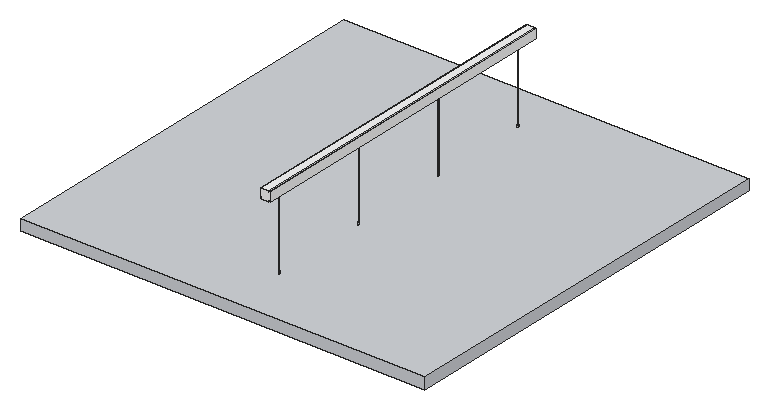
Revit family
Parameters (values of type "Zumtobel Track TECTON")
  URL = "http://www.zumtobel.com/22128058"
  Type Comments = "© Zumtobel. We reserve the right to make technical changes without prior notice."  # constant formula
  Track Distance [instance] = if(Surface Mount, 0.00 mm, Suspension Height - 60.00 mm)  # 440.00 mm
  Suspension Visible [instance] = not(Surface Mount)  # yes
  Suspension Height Value [instance] = if(Surface Mount, 200.00 mm, Suspension Height)  # 500.00 mm
  Suspension Height [instance] = 500.00 mm
  Suspension Distance [instance] = (Length - 200.00 mm) / Number of Suspensions  # 450.00 mm
  Surface Mount [instance] = no
  Number of Suspensions [instance] = 4
  Model = "22128058"
  Manufacturer = "Zumtobel Lighting"  # constant formula
  Length [instance] = 2000.00 mm
  Lamp = ""
  Emit Shape Visible in Rendering = no
  Description = "Track TECTON"  # constant formula
  Suspension [instance] = Zumtobel_Metal_Aluminium
  Apparent Load = 0 VA
  Default Elevation = 0.00 mm
  Assembly Code = "D5020200"
  Track [instance] = Zumtobel_Metal_White
Reference planes
  plane 1 "Center (Front/Back)": y = -250
  plane 2 "Top": z = 0
  plane 3: z = 500
  plane 4 "Right": y = -1250
  plane 5 "Left": y = 750
  plane 6: y = -1150
  plane 7: y = 650
  plane 8: z = 440
  plane 9 "Center (Left/Right)": x = -239.2
  plane 10: y = -1247.5
  plane 11: y = 747.5
  plane 12: z = 440
  plane 13: z = 500
Forms (mm)
  Extrusion 1, solid
    sketch origin (0, 0, 0) x (1, 0, 0) y (0, 1, 0)
      loop
        line (-1519.2, 939.2) -> (-1519.2, -1499.2) -> (919.2, -1499.2) -> (919.2, 939.2) -> (-1519.2, 939.2)
    from 0 to -66.193
  Extrusion 2, solid, material "Zumtobel_Metal_White" <- "Track"
    sketch origin (0, -1250, 0) x (0, 0, 1) y (-1, 0, 0)
      loop
        line (442.742, 209.2) -> (496.928, 209.2) -> (496.928, 212.075) -> (493.922, 212.075) -> (493.922, 217.39) -> (500, 217.39) -> (500, 261.01) -> (493.922, 261.01) -> (493.922, 266.325) -> (496.928, 266.325) -> (496.928, 269.2) -> (442.742, 269.2) -> (442.742, 266.325) -> (445.748, 266.325) -> (445.748, 261.01) -> (440, 261.01) -> (440, 217.39) -> (445.748, 217.39) -> (445.748, 212.075) -> (442.742, 212.075) -> (442.742, 209.2)
    from -2000 to 0
Dimensions and locks
  "Suspension Height": plane 3 to plane 2 "Top"
  locked: plane 5 "Left" to plane 7 at 100
  locked: plane 6 to plane 4 "Right" at 100
  "Length": plane 5 "Left" to plane 4 "Right"
  equal spacing: plane 5 "Left", plane 1 "Center (Front/Back)", plane 4 "Right"
  plane 3 to plane 8 = 60.00 mm
  equal spacing: group 1, group 3, group 4, group 2  (x2)
  equal spacing: group 2, group 4, group 3, group 1
  locked: plane 10 to plane 4 "Right" at 2.5
  locked: plane 5 "Left" to plane 11 at 2.5
  "Track Distance": plane 12 to plane 2 "Top"
  locked: plane 13 to plane 12 at 60
  aligned and locked: plane 2 "Top" to Extrusion 1
  aligned and locked: level to Extrusion 1
  aligned and locked: plane 7 to nested 1
  aligned and locked: nested 2 to plane 6
  aligned and locked: Extrusion 2 to plane 5 "Left"
  aligned and locked: plane 4 "Right" to Extrusion 2
Automatic sketch dimensions
  Extrusion 1 sketch curve to Extrusion 1 sketch curve = 2438.40 mm  (x2)
  Extrusion 2 sketch curve to plane 12 = 0.00 mm
  Extrusion 2 sketch curve to Extrusion 2 sketch curve = 2.742 mm  (x2)
  Extrusion 2 sketch curve to Extrusion 2 sketch curve = 3.006 mm  (x3)
  Extrusion 2 sketch curve to Extrusion 2 sketch curve = 5.748 mm
  plane 12 to Extrusion 2 sketch curve = 53.922 mm  (x2)
  plane 12 to Extrusion 2 sketch curve = 60.00 mm
  plane 9 "Center (Left/Right)" to Extrusion 2 sketch curve = 30.00 mm
  Extrusion 2 sketch curve to Extrusion 2 sketch curve = 2.875 mm  (x3)
  Extrusion 2 sketch curve to Extrusion 2 sketch curve = 5.315 mm  (x4)
  Extrusion 2 sketch curve to Extrusion 2 sketch curve = 43.62 mm  (x2)
Nested families
  nested 1: "Zumtobel Suspension" at (-239.2, 650, 0) x (1, 0, 0) z (0, 0, -1), Suspension <- "Suspension", visible <- "Suspension Visible", type "Zumtobel Suspension"
    with Suspension Zumtobel_Metal_Aluminium, Suspension Height 500.00 mm, Default Elevation 0.00 mm
  nested 2: "Zumtobel Suspension" at (-239.2, -1150, 0) x (1, 0, 0) z (0, 0, -1), Suspension <- "Suspension", visible <- "Suspension Visible", type "Zumtobel Suspension"
    with Suspension Zumtobel_Metal_Aluminium, Suspension Height 500.00 mm, Default Elevation 0.00 mm
  nested 3: "Zumtobel Suspension" at (-239.2, 50, 0) x (1, 0, 0) z (0, 0, -1), Suspension <- "Suspension", visible <- "Suspension Visible", type "Zumtobel Suspension"
    with Suspension Zumtobel_Metal_Aluminium, Suspension Height 500.00 mm, Default Elevation 0.00 mm
  nested 4: "Zumtobel Suspension" at (-239.2, -550, 0) x (1, 0, 0) z (0, 0, -1), Suspension <- "Suspension", visible <- "Suspension Visible", type "Zumtobel Suspension"
    with Suspension Zumtobel_Metal_Aluminium, Suspension Height 500.00 mm, Default Elevation 0.00 mm
Definition of nested family "Zumtobel Suspension"
  Parameters (values of type "Zumtobel Suspension")
    Suspension Height = 600.00 mm
    Suspension [instance] = none
    Emit Shape Visible in Rendering = no
    Default Elevation = 1219.20 mm
    Assembly Code = ""
  Reference planes
    plane 1 "Light Source Axis (F/B)": y = 0
    plane 2: z = 0
    plane 3 "Center (Front/Back)": x = 0
    plane 4 "Bottom": z = -600
    plane 5 "Top Fitting": z = -540
  Forms (mm)
    Extrusion 1, solid, material <- "Suspension"
      sketch origin (0, 0, 0) x (1, 0, 0) y (0, 1, 0)
        loop
          circle (0, 0) r 2.6
      from 0 to -13
    Extrusion 2, solid, material <- "Suspension"
      sketch origin (0, 0, -320) x (1, 0, 0) y (0, 1, 0)
        loop
          circle (0, 0) r 1
      from 320 to -220
    Extrusion 3, solid, material <- "Suspension"
      sketch origin (0, 0, -540) x (-1, 0, 0) y (0, -1, 0)
        loop
          circle (0, 0) r 2
      from 0 to 15
  Cuts and joins
    joined: Extrusion 1, Extrusion 2, Extrusion 3
  Dimensions and locks
    locked: plane 5 "Top Fitting" to plane 4 "Bottom" at 60
    "Suspension Height": plane 2 to plane 4 "Bottom"
    aligned and locked: Extrusion 2 to plane 5 "Top Fitting"
    aligned and locked: plane 2 to Extrusion 2
  Automatic sketch dimensions
    plane 1 "Light Source Axis (F/B)" to Extrusion 1 sketch curve = 0.00 mm
    Extrusion 1 sketch curve to plane 3 "Center (Front/Back)" = 0.00 mm
    plane 1 "Light Source Axis (F/B)" to Extrusion 2 sketch curve = 0.00 mm
    Extrusion 2 sketch curve to plane 3 "Center (Front/Back)" = 0.00 mm
    plane 1 "Light Source Axis (F/B)" to Extrusion 3 sketch curve = 0.00 mm
    Extrusion 3 sketch curve to plane 3 "Center (Front/Back)" = 0.00 mm
    radius of Extrusion 1 sketch curve = 2.60 mm
    radius of Extrusion 2 sketch curve = 1.00 mm
    radius of Extrusion 3 sketch curve = 2.00 mm
